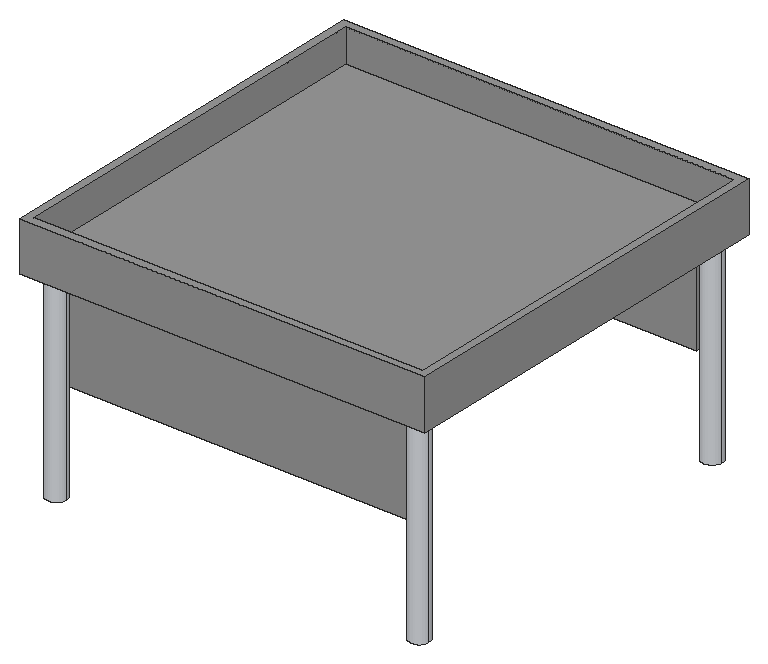
Revit family "Nivellierbare Kassette für Revisionsöffnung, RKN, 20, 9", category Generic Models, Revit 2015
Parameters (values of type "RKN2 9 MS 20")
  Width = 243 mm
  URL = "http://www.obo-bettermann.com"
  Material = Brass, Soft Yellow, Welded
  Manufacturer Art.No. = "7409022"
  Manufacturer = "OBO Bettermann"
  Length = 243 mm
  HeightCalc = if(Height < 100 mm, 100 mm, (if(Height > 150 mm, 150 mm, Height)))  # 150 mm
  Height 1 = 30 mm
  Height = 150 mm
  GTIN = "4012195867593"
  Cut depth = 20 mm
  Article Type = "RKN2 9 MS 20"
Types (3, lengths in mm): name | Material | Manufacturer Art.No. | GTIN | Article Type
  (no name) | Brass, Soft Yellow, Welded | "7409022" | "4012195867593" | "RKN2 9 MS 20"
  RKN2 9 VS 20 | Stainless Steel, Polished | "7409044" | "4012195867777" | "RKN2 9 VS 20"
  RKN2 9 MS 20 | Brass, Soft Yellow, Welded | "7409022" | "4012195867593" | "RKN2 9 MS 20"
Reference planes
  plane 1 "Center (Front/Back)": y = 0
  plane 2: z = 0
  plane 3 "Center (Left/Right)": x = 0
  plane 4: y = 121.5
  plane 5: y = -121.5
  plane 6: z = 150
  plane 7: z = 59
  plane 8: z = 130
  plane 9: z = 120
Forms (mm)
  Extrusion 1, solid
    sketch origin (0, 0, 0) x (1, 0, 0) y (0, 1, 0)
      loop
        circle (-109, -110) r 6
      loop
        circle (-109, 110) r 6
      loop
        circle (109, 110) r 6
      loop
        circle (109, -110) r 6
    from 0 to 120
  Extrusion 2, solid, material "Brass, Soft Yellow, Welded" <- "Material"
    sketch origin (0, 0, 0) x (1, 0, 0) y (0, 0, 1)
      loop
        line (-121.5, 150) -> (-121.5, 120) -> (121.5, 120) -> (121.5, 150) -> (-121.5, 150)
    from -121.5 to 121.5
  Extrusion 3, solid, material "Brass, Soft Yellow, Welded" <- "Material"
    sketch origin (0, 0, 0) x (1, 0, 0) y (0, 1, 0)
      loop
        line (-104.2, -104.3) -> (-104.2, -106.3) -> (104.2, -106.3) -> (104.2, -104.3) -> (-104.2, -104.3)
      loop
        line (-104.2, 106.3) -> (-104.2, 104.3) -> (104.2, 104.3) -> (104.2, 106.3) -> (-104.2, 106.3)
    from 59 to 120
  Extrusion 4, void
    sketch origin (0, 0, 0) x (1, 0, 0) y (0, 1, 0)
      loop
        line (-117.05, 117.05) -> (-117.05, -117.05) -> (117.05, -117.05) -> (117.05, 117.05) -> (-117.05, 117.05)
    from 130 to 150
Cuts and joins
  Extrusion 4 cuts Extrusion 1
  Extrusion 4 cuts Extrusion 2
  Extrusion 4 cuts Extrusion 3
Dimensions and locks
  "Width": Extrusion 2 sketch curve to Extrusion 2 sketch curve
  "HeightCalc": plane 6 to level
  locked: Extrusion 3 sketch curve to Extrusion 3 sketch curve at 208.4  (x2)
  locked: Extrusion 3 sketch curve to Extrusion 2 at 15.2
  locked: Extrusion 3 sketch curve to Extrusion 3 sketch curve at 2  (x2)
  "Cut depth": plane 6 to plane 8
  "Length": plane 4 to plane 5
  locked: plane 3 "Center (Left/Right)" to Extrusion 2 sketch curve at 121.5
  locked: plane 4 to plane 1 "Center (Front/Back)" at 121.5
  locked: Extrusion 1 sketch curve to plane 1 "Center (Front/Back)" at 110  (x2)
  locked: plane 3 "Center (Left/Right)" to Extrusion 1 sketch curve at 109  (x2)
  locked: Extrusion 1 sketch curve to plane 3 "Center (Left/Right)" at 109  (x2)
  locked: plane 1 "Center (Front/Back)" to Extrusion 1 sketch curve at 110  (x2)
  "Height 1": plane 6 to plane 9
  locked: Extrusion 3 sketch curve to plane 3 "Center (Left/Right)" at 104.2  (x2)
  locked: cut or joined group of Extrusion 2, Extrusion 4 to Extrusion 3 sketch curve at 15.2
  locked: plane 9 to plane 7 at 61
  locked: Extrusion 4 sketch curve to Extrusion 4 sketch curve at 234.1  (x2)
  equal spacing: Extrusion 4 sketch curve, plane 3 "Center (Left/Right)", Extrusion 4 sketch curve, locked at 117.05 each
  equal spacing: Extrusion 4 sketch curve, plane 1 "Center (Front/Back)", Extrusion 4 sketch curve, locked at 117.05 each
  diameter of Extrusion 1 sketch curve = 12 mm  (x4)
  aligned and locked: level to plane 2
  aligned and locked: plane 5 to Extrusion 2
  aligned and locked: Extrusion 2 to plane 4
  aligned and locked: plane 6 to Extrusion 2
  aligned and locked: Extrusion 1 to Extrusion 3
  aligned and locked: Extrusion 3 to plane 7
  aligned and locked: cut or joined group of Extrusion 2, Extrusion 4 to Extrusion 4
  aligned and locked: Extrusion 4 to plane 8
  aligned and locked: Extrusion 2 to plane 9
  aligned and locked: Extrusion 1 to cut or joined group of Extrusion 2, Extrusion 4
Automatic sketch dimensions
  Extrusion 2 sketch curve to plane 6 = 0 mm
  plane 9 to Extrusion 2 sketch curve = 0 mm
